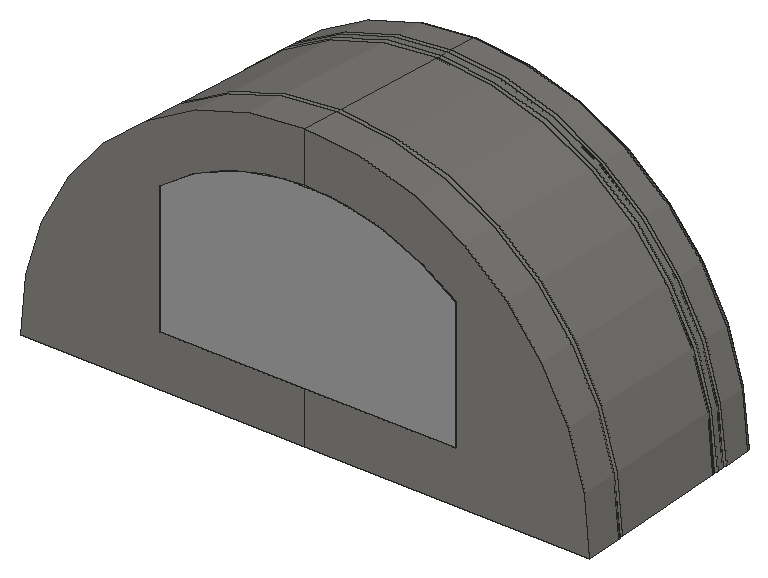
Revit family "BWP-SPSW1-FT", category Lighting Fixtures, host Face, Revit 2022
Family settings
  Host = Face
  Round Connector Dimension = Use Diameter
  Part Type = Normal
  Cut with Voids When Loaded = Yes
  Light Source = Yes
  Maintain Annotation Orientation = No
  Shared = No
  Room Calculation Point = No
Parameters (values of type "BWP-25W-3000K-FT")
  Wattage Comments = "25W"
  Wattage = 21.8793 W
  built-in parameter 1150110 = 1 (stored number, unit not read)
  URL = "https://www.abovealllighting.com/Product/LED-OUTDOOR-FIXTURES/LED-WALL-PACK/BriwallLEDWallPack.html"
  built-in parameter 1114217 = 1 (stored number, unit not read)
  Tilt Angle = 90.00°
  built-in parameter 1150109 = 1 (stored number, unit not read)
  built-in parameter 1150134 = (empty or 0)
  built-in parameter 1150113 = 1 (stored number, unit not read)
  Power Factor = "0.9"
  Photometric Web File = "BWP_SP301_FT_25W.IES"
  Model = "BWP-SPSW1-FT"
  Manufacturer = "Above All Lighting"  # constant formula
  built-in parameter 1150105 = 1529.9 (stored number, unit not read)
  Lumens = 3250 lm
  built-in parameter 1150115 = 1 (stored number, unit not read)
  Load Classification = Lighting
  built-in parameter 1150137 = (empty or 0)
  built-in parameter 1150139 = (empty or 0)
  built-in parameter 1150112 = 1 (stored number, unit not read)
  built-in parameter 1150114 = 1 (stored number, unit not read)
  Lamp = "LED"
  Input Voltage = "120V-277V"  # constant formula
  built-in parameter 1150132 = 2
  built-in parameter 1150102 = (empty or 0)
  built-in parameter 1150107 = 3000 (stored number, unit not read)
  built-in parameter 1150138 = (empty or 0)
  built-in parameter 1150106 = 15.299 (stored number, unit not read)
  built-in parameter 1150104 = 13.8 (stored number, unit not read)
  Dimming Lamp Color Temperature Shift = <None>
  Default Elevation = 3' - 0"
  Color Filter = 16777215
  CRI = "70"
  built-in parameter 1114218 = 1 (stored number, unit not read)
  built-in parameter 1150133 = 10 (stored number, unit not read)
Types (10): name | Wattage Comments | Wattage | built-in parameter 1150134 | Photometric Web File | built-in parameter 1150105 | Lumens | built-in parameter 1150107 | built-in parameter 1150106
  (no name) | "25W" | 21.8793 W | (empty or 0) | "BWP_SP301_FT_25W.IES" | 1529.9 (stored number, unit not read) | 3250 lm | 3000 (stored number, unit not read) | 15.299 (stored number, unit not read)
  BWP-25W-3000K-FT | "25W" | 21.8793 W | (empty or 0) | "BWP_SP301_FT_25W.IES" | 1529.9 (stored number, unit not read) | 3250 lm | 3000 (stored number, unit not read) | 15.299 (stored number, unit not read)
  BWP-25W-4000K-FT | "25W" | 21.8793 W | 12 | "BWP_SP401_FT_25W.IES" | 1529.9 (stored number, unit not read) | 3250 lm | 4000 (stored number, unit not read) | 15.299 (stored number, unit not read)
  BWP-25W-5000K-FT | "25W" | 21.8793 W | 2 | "BWP_SP501_FT_25W.IES" | 1529.9 (stored number, unit not read) | 3250 lm | 5000 (stored number, unit not read) | 15.299 (stored number, unit not read)
  BWP-45W-3000K-FT | "45W" | 39.3828 W | (empty or 0) | "BWP_SP301_FT_45W.IES" | 2732.7 (stored number, unit not read) | 5850 lm | 3000 (stored number, unit not read) | 27.327 (stored number, unit not read)
  BWP-45W-4000K-FT | "45W" | 39.3828 W | 12 | "BWP_SP401_FT_45W.IES" | 2732.7 (stored number, unit not read) | 5850 lm | 4000 (stored number, unit not read) | 27.327 (stored number, unit not read)
  BWP-45W-5000K-FT | "45W" | 39.3828 W | 2 | "BWP_SP501_FT_45W.IES" | 2732.7 (stored number, unit not read) | 5850 lm | 5000 (stored number, unit not read) | 27.327 (stored number, unit not read)
  BWP-65W-3000K-FT | "65W" | 57.2229 W | (empty or 0) | "BWP_SP301_FT_65W.IES" | 4031.4 (stored number, unit not read) | 8500 lm | 3000 (stored number, unit not read) | 40.314 (stored number, unit not read)
  BWP-65W-4000K-FT | "65W" | 57.2229 W | 12 | "BWP_SP401_FT_45W.IES" | 4031.4 (stored number, unit not read) | 8500 lm | 4000 (stored number, unit not read) | 40.314 (stored number, unit not read)
  BWP-65W-5000K-FT | "65W" | 57.2229 W | 2 | "BWP_SP501_FT_65W.IES" | 4031.4 (stored number, unit not read) | 8500 lm | 5000 (stored number, unit not read) | 40.314 (stored number, unit not read)
Reference planes (in)
  plane 1 "Center (Front/Back)": y = 0
  plane 2: z = 0
  plane 3 "Center (Left/Right)": x = 0
Forms (in)
  Revolve 1, solid, material "Default"
    sketch origin (0, 3.55, 0) x (0, 1, 0) y (0, 0, 1)
      loop
        line (-3.55, 0) -> (3.55, 0) -> (3.55, 8.5)
        arc (3.55, 8.5) -> (3.47863, 8.73543) -> (3.28856, 8.89161) r 0.42401
        line (3.28856, 8.89161) -> (2.37072, 8.93971)
        spline (2.37072, 8.93971) -> (2.36473, 8.92827) -> (2.3542, 8.91804) -> (2.33976, 8.90964) -> (2.32229, 8.90359) -> (2.30286, 8.90026) -> (2.28263, 8.89984) -> (2.26284, 8.90235) -> (2.2447, 8.90766) -> (2.2293, 8.91543) -> (2.21758, 8.9252) -> (2.21025, 8.93636) -> (2.20775, 8.94825)
        line (2.20775, 8.94825) -> (1.97192, 8.96061)
        spline (1.97192, 8.96061) -> (1.96594, 8.94917) -> (1.95541, 8.93894) -> (1.94097, 8.93054) -> (1.9235, 8.92449) -> (1.90406, 8.92116) -> (1.88384, 8.92074) -> (1.86405, 8.92325) -> (1.84591, 8.92856) -> (1.83051, 8.93633) -> (1.81878, 8.9461) -> (1.81145, 8.95726) -> (1.80896, 8.96915)
        line (1.80896, 8.96915) -> (-2.11571, 9.17483)
        spline (-2.11571, 9.17483) -> (-2.12169, 9.16339) -> (-2.13222, 9.15316) -> (-2.14666, 9.14477) -> (-2.16413, 9.13872) -> (-2.18357, 9.13538) -> (-2.20379, 9.13496) -> (-2.22358, 9.13748) -> (-2.24172, 9.14278) -> (-2.25712, 9.15056) -> (-2.26884, 9.16032) -> (-2.27617, 9.17149) -> (-2.27867, 9.18337)
        line (-2.27867, 9.18337) -> (-3.55, 9.25) -> (-3.55, 0)
      axis (3.55, 0) -> (-3.55, 0)
    angle from 0 to 360
  Extrusion 2, void
    sketch origin (0, 0, 0) x (0, 1, 0) y (0, 0, 1)
      loop
        line (-1, 0) -> (-1, -10) -> (7.99516, -10) -> (7.99516, 0) -> (-1, 0)
    from -11.99163 to 12
  Extrusion 3, void
    sketch origin (0, 0, 0) x (1, 0, 0) y (0, 0, 1)
      loop
        line (-4.73141, 1.69265) -> (4.89864, 1.69265) -> (4.89864, 5.94265)
        arc (4.89864, 5.94265) -> (0.08362, 7.60812) -> (-4.73141, 5.94265) r 7.79305
        line (-4.73141, 5.94265) -> (-4.73141, 1.69265)
    from -0.79475 to 0
  Extrusion 4, solid, material "Acrylic, Clear"
    sketch origin (0, 0, 0) x (1, 0, 0) y (0, 0, 1)
      loop
        line (-4.73141, 1.69265) -> (4.89864, 1.69265) -> (4.89864, 5.94265)
        arc (4.89864, 5.94265) -> (0.08362, 7.60812) -> (-4.73141, 5.94265) r 7.79305
        line (-4.73141, 5.94265) -> (-4.73141, 1.69265)
    from -0.09152 to 0
  Revolve 5, solid, material "Default", not visible
    sketch origin (0, 3.55, 0) x (0, 1, 0) y (0, 0, 1)
      loop
        line (-3.55, 0) -> (3.55, 0) -> (3.55, 8.5)
        arc (3.55, 8.5) -> (3.47863, 8.73543) -> (3.28856, 8.89161) r 0.42401
        line (3.28856, 8.89161) -> (2.37072, 8.93971)
        spline (2.37072, 8.93971) -> (2.36473, 8.92827) -> (2.3542, 8.91804) -> (2.33976, 8.90964) -> (2.32229, 8.90359) -> (2.30286, 8.90026) -> (2.28263, 8.89984) -> (2.26284, 8.90235) -> (2.2447, 8.90766) -> (2.2293, 8.91543) -> (2.21758, 8.9252) -> (2.21025, 8.93636) -> (2.20775, 8.94825)
        line (2.20775, 8.94825) -> (1.97192, 8.96061)
        spline (1.97192, 8.96061) -> (1.96594, 8.94917) -> (1.95541, 8.93894) -> (1.94097, 8.93054) -> (1.9235, 8.92449) -> (1.90406, 8.92116) -> (1.88384, 8.92074) -> (1.86405, 8.92325) -> (1.84591, 8.92856) -> (1.83051, 8.93633) -> (1.81878, 8.9461) -> (1.81145, 8.95726) -> (1.80896, 8.96915)
        line (1.80896, 8.96915) -> (-2.11571, 9.17483)
        spline (-2.11571, 9.17483) -> (-2.12169, 9.16339) -> (-2.13222, 9.15316) -> (-2.14666, 9.14477) -> (-2.16413, 9.13872) -> (-2.18357, 9.13538) -> (-2.20379, 9.13496) -> (-2.22358, 9.13748) -> (-2.24172, 9.14278) -> (-2.25712, 9.15056) -> (-2.26884, 9.16032) -> (-2.27617, 9.17149) -> (-2.27867, 9.18337)
        line (-2.27867, 9.18337) -> (-3.55, 9.25) -> (-3.55, 0)
      axis (3.55, 0) -> (-3.55, 0)
    angle from 0 to 360
  Extrusion 6, void, not visible
    sketch origin (0, 0, 0) x (0, 1, 0) y (0, 0, 1)
      loop
        line (-1, 0) -> (-1, -10) -> (7.99516, -10) -> (7.99516, 0) -> (-1, 0)
    from -11.99163 to 12
  Extrusion 7, void, not visible
    sketch origin (0, 0, 0) x (1, 0, 0) y (0, 0, 1)
      loop
        line (-4.73141, 1.69265) -> (4.89864, 1.69265) -> (4.89864, 5.94265)
        arc (4.89864, 5.94265) -> (0.08362, 7.60812) -> (-4.73141, 5.94265) r 7.79305
        line (-4.73141, 5.94265) -> (-4.73141, 1.69265)
    from -0.79475 to 0
  Extrusion 8, solid, material "Acrylic, Clear", not visible
    sketch origin (0, 0, 0) x (1, 0, 0) y (0, 0, 1)
      loop
        line (-4.73141, 1.69265) -> (4.89864, 1.69265) -> (4.89864, 5.94265)
        arc (4.89864, 5.94265) -> (0.08362, 7.60812) -> (-4.73141, 5.94265) r 7.79305
        line (-4.73141, 5.94265) -> (-4.73141, 1.69265)
    from -0.09152 to 0
Cuts and joins
  Extrusion 2, Extrusion 3 cuts Revolve 1
Dimensions and locks (in)
  locked: cut or joined group of Revolve 1, Extrusion 2, Extrusion 3 to host face at 9.25
  plane 1 "Center (Front/Back)" to cut or joined group of Revolve 1, Extrusion 2, Extrusion 3 = 0' - 7.1"
  aligned and locked: plane 2 to host face
  aligned and locked: level to host face
  aligned and locked: cut or joined group of Revolve 1, Extrusion 2, Extrusion 3 to Extrusion 4
